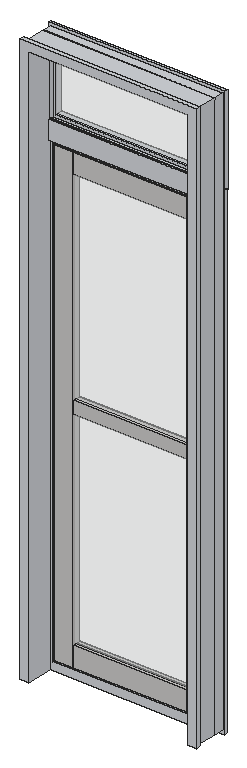
Revit family "APL Residential Thermal Heart Hinged Door with Overlight Open In", category Doors, host Wall, Revit 2017
Family settings
  Host = Wall
  OmniClass Number = 23.30.10.00
  OmniClass Title = Doors
  Always vertical = Yes
  Cut with Voids When Loaded = No
  Shared = No
  Room Calculation Point = No
Parameters (values of type "Architrave")
  Rough Width = 815 mm
  Rough Height = 2713 mm
  Reveal Liner = no
  Panel = Rough Width - 95 mm  # 720 mm
  Overlight Length [instance] = 407.5 mm
  Overlight [instance] = 400 mm
  Liner Sill = no
  Liner Head = yes
  Liner End = 10 mm
  Liner = 51 mm
  Jamb Liner 2 = yes
  Jamb Liner 1 = yes
  Groove = 10 mm
  Function = Interior
  Frame Width Sill = 15 mm
  Frame Projection Ext. = 13 mm
  Frame Projection Int. = 20 mm
  Frame Width = 12.5 mm
  Height = Rough Height - 12.5 mm  # 2700.5 mm
  Wall Closure = By host
  Width = Rough Width - 15 mm  # 800 mm
  Architrave = yes
  Analytic Construction = "<None>"
  90° Opening [instance] = yes
  15° Opening [instance] = yes
Reference planes
  plane 1: y = 0
  plane 2 "Center (Left/Right)": x = 0
  plane 3 "Left": x = -407.5
  plane 4 "Right": x = 407.5
  plane 5: z = 2713
  plane 6 "Exterior": y = 75
  plane 7 "Interior": y = -75
  plane 8: z = 2305.5
  plane 9: z = 1152.75
Forms (mm)
  Extrusion 1, solid, visible <- "Architrave"
    sketch origin (-3050, -75, 0) x (1, 0, 0) y (0, 0, 1)
      loop
        line (2630, 0) -> (2642.5, 0) -> (2642.5, 2713) -> (3457.5, 2713) -> (3457.5, 0) -> (3470, 0) -> (3470, 2725.5) -> (2630, 2725.5) -> (2630, 0)
    from 0 to 20
  Extrusion 2, solid
    sketch origin (-6.857, 0, 0) x (1, 0, 0) y (0, 1, 0)
      loop
        line (-353.099, 63.413) -> (-264.309, 63.413) -> (-264.309, 69.784) -> (-278.567, 84.042) -> (-353.099, 84.042) -> (-353.099, 63.413)
    from 44.629 to 2243.472
  Extrusion 3, solid
    sketch origin (0, -9.269, 0) x (1, 0, 0) y (0, 1, 0)
      loop
        line (-271.167, 77.961) -> (-271.167, 53.752) -> (270.95, 53.752) -> (270.95, 77.961) -> (-271.167, 77.961)
    from 141.653 to 1125.146
  Extrusion 4, solid
    sketch origin (0, -9.478, -426.133) x (0, 1, 0) y (0, 0, 1)
      loop
        line (93.461, 2669.605) -> (63.461, 2669.605) -> (63.461, 2572.983) -> (78.902, 2572.983) -> (93.461, 2587.542) -> (93.461, 2669.605)
    from -285.359 to 285.063
  Extrusion 5, solid, visible <- "Architrave"
    sketch origin (0, -32.901, 0) x (1, 0, 0) y (0, 0, 1)
      loop
        line (407.5, 2713) -> (-407.5, 2713) -> (-407.5, 0) -> (-379.424, 0) -> (-379.424, 2685.2) -> (379.424, 2685.2) -> (379.424, 0) -> (407.5, 0) -> (407.5, 2713)
    from -62.788 to 62.099
  Sweep 6, solid, visible <- "Reveal Liner"
    path origin (0, -75, 0) x (1, 0, 0) y (0, 0, 1)
      loop
        line (-407.5, 0) -> (-407.5, 2713) -> (407.5, 2713) -> (407.5, 0)
    profile origin (-407.5, -75, 1356.5) x (-1, 0, 0) y (0, -1, 0)
      loop
        line (-9.076, 20) -> (-28.076, 20) -> (-28.076, -104.887) -> (0, -104.887) -> (0, 0.131) -> (-14.642, 0.131) -> (-14.642, 10) -> (-9.076, 10) -> (-9.076, 20)
  Extrusion 7, solid
    sketch origin (0, 75, 0) x (1, 0, 0) y (0, 0, 1)
      loop
        line (407.5, 2713) -> (-407.5, 2713) -> (-407.5, 0) -> (407.5, 0) -> (407.5, 2713)
      loop
        line (396.8, 2705.5) -> (-396.8, 2705.5) -> (-396.8, 7.8) -> (396.8, 7.8) -> (396.8, 2705.5)
    from 0 to 45.113
  Sweep 8, solid
    path origin (0, 75, 0) x (1, 0, 0) y (0, 0, 1)
      loop
        line (407.5, 2291.55) -> (-407.5, 2291.55) -> (-407.5, -2.914) -> (407.5, -2.914) -> (407.5, 2291.55)
    profile origin (-407.5, 75, 1144.318) x (0, -1, 0) y (1, 0, 0)
      loop
        line (0, -12.5) -> (0, 10.7) -> (45.113, 10.7) -> (45.113, 41.5) -> (42.97, 41.5) -> (42.97, 47.543) -> (-9.042, 47.543) -> (-9.042, 60.5) -> (-20.5, 60.5) -> (-20.5, 5.968) -> (-12.064, -1.111) -> (-12.064, -12.5) -> (0, -12.5)
  Extrusion 9, solid
    sketch origin (6.857, -9.419, 0) x (-1, 0, 0) y (0, -1, 0)
      loop
        line (-353.099, -63.461) -> (-353.099, -93.461) -> (-278.205, -93.461) -> (-264.093, -79.348) -> (-264.093, -63.461) -> (-353.099, -63.461)
    from 44.629 to 2231.05
  Extrusion 10, solid
    sketch origin (-407.5, 75, 2713) x (0, -1, 0) y (0, 0, -1)
      loop
        line (21.018, 469.528) -> (42.97, 469.528) -> (42.97, 566.028) -> (21.018, 566.028) -> (21.018, 469.528)
    from 136.333 to 678.45
  Extrusion 11, solid
    sketch origin (0, -9.078, -0.55) x (0, 1, 0) y (0, 0, 1)
      loop
        line (63.12, 142.203) -> (41.108, 142.203) -> (41.108, 45.179) -> (63.12, 45.179) -> (63.12, 142.203)
    from -271.167 to 270.95
  Extrusion 12, solid
    sketch origin (0, -9.419, 2312.086) x (0, 1, 0) y (0, 0, 1)
      loop
        line (93.461, -2267.457) -> (93.461, -2185.442) -> (78.451, -2170.433) -> (63.461, -2170.433) -> (63.461, -2267.457) -> (93.461, -2267.457)
    from -285.359 to 285.063
  Extrusion 13, solid
    sketch origin (0, 0, 0) x (-1, 0, 0) y (0, -1, 0)
      loop
        line (271.167, -63.413) -> (359.957, -63.413) -> (359.957, -32.03) -> (271.167, -32.03) -> (271.167, -63.413)
    from 44.629 to 2243.472
  Extrusion 14, solid
    sketch origin (512.132, -9.419, 0) x (-1, 0, 0) y (0, -1, 0)
      loop
        line (152.175, -63.461) -> (241.182, -63.461) -> (241.182, -41.461) -> (152.175, -41.461) -> (152.175, -63.461)
    from 44.629 to 2243.472
  Extrusion 15, solid
    sketch origin (-407.5, 75, 2713) x (0, -1, 0) y (0, 0, -1)
      loop
        line (-8.836, 1572.487) -> (-8.836, 1543.013) -> (5.071, 1529.107) -> (5.071, 1586.393) -> (-8.836, 1572.487)
    from 122.141 to 692.563
  Extrusion 16, solid
    sketch origin (-407.5, 75, 2713) x (0, -1, 0) y (0, 0, -1)
      loop
        line (45.295, 386.05) -> (45.295, 363.95) -> (54, 363.95) -> (54, 451.05) -> (45.295, 451.05) -> (45.295, 431.05) -> (0, 431.05) -> (0, 386.05) -> (45.295, 386.05)
    from 28.076 to 786.924
  Extrusion 17, solid
    sketch origin (-407.5, 75, 2713) x (0, -1, 0) y (0, 0, -1)
      loop
        line (0.295, 408.95) -> (-12.408, 408.95) -> (-12.408, 415.587)
        arc (-12.408, 415.587) -> (-13.143, 416.498) -> (-14, 415.7) r 0.8
        line (-14, 415.7) -> (-14, 399.3)
        arc (-14, 399.3) -> (-13.2, 398.5) -> (-12.4, 399.3) r 0.8
        line (-12.4, 399.3) -> (-12.4, 405.8) -> (0.295, 405.8) -> (0.295, 408.95)
    from -12.5 to 827.5
  Sweep 18, solid
    path origin (0, 75, 0) x (1, 0, 0) y (0, 0, 1)
      loop
        line (407.5, 2713) -> (-407.5, 2713) -> (-407.5, 2319.478) -> (407.5, 2319.478) -> (407.5, 2713)
    profile origin (0, 75, 2713) x (0, 0, -1) y (0, -1, 0)
      loop
        line (7.5, 0) -> (-12.601, 0) -> (-12.601, -12.1) -> (2.5, -12.1) -> (8.5, -18.1) -> (28.091, -18.1) -> (42.5, -3.69) -> (42.5, 28.094) -> (29.632, 28.094) -> (29.632, 45) -> (7.5, 45) -> (7.5, 0)
  Extrusion 19, solid
    sketch origin (1080, -0.152, 0) x (1, 0, 0) y (0, 1, 0)
      loop
        line (-1445, 77.961) -> (-1445, 53.752) -> (-715, 53.752) -> (-715, 77.961) -> (-1445, 77.961)
    from 2361.978 to 2670.5
  Extrusion 20, solid
    sketch origin (780, -9.269, 0) x (1, 0, 0) y (0, 1, 0)
      loop
        line (-1051.167, 77.961) -> (-1051.167, 53.752) -> (-509.05, 53.752) -> (-509.05, 77.961) -> (-1051.167, 77.961)
    from 1184.25 to 2146.851
  Extrusion 21, solid
    sketch origin (-407.5, 75, 2713) x (0, -1, 0) y (0, 0, -1)
      loop
        line (5.216, 1529.001) -> (42.97, 1529.001) -> (42.97, 1587.854) -> (5.216, 1587.854) -> (5.216, 1529.001)
    from 136.333 to 678.45
Cuts and joins
  joined: Extrusion 1, Extrusion 5
  joined: Extrusion 7, Sweep 8
  joined: Extrusion 9, Extrusion 14
  joined: Extrusion 2, Extrusion 13
Lines and regions (mm)
  Opening 1
    outline origin (-3050, -75, 0) x (1, 0, 0) y (0, 0, 1)
      loop
        line (2642.5, 0) -> (3457.5, 0) -> (3457.5, 2713) -> (2642.5, 2713) -> (2642.5, 0)
  symbolic lines, style "Elevation Swing"
    curve 1: line (352.941, -75, 1152.75) -> (-347, -75, 2231.05)
    curve 2: line (352.941, -75, 1152.75) -> (-347, -75, 57.586)
  symbolic lines, style "Plan Swing", visible <- "90° Opening"
    curve 3: line (359.957, 32.042, 0) -> (359.957, -687.97, 0)
    curve 4: arc (359.957, -687.97, 0) -> (-149.104, -477.056, 0) -> (-359.957, 32.03, 0) r 720
  symbolic lines, style "Plan Swing", visible <- "15° Opening"
    curve 5: line (359.957, 32.042, 0) -> (-335.51, -154.308, 0)
    curve 6: arc (-360.043, 32.03, 0) -> (-353.883, -61.943, 0) -> (-335.51, -154.308, 0) r 720
Text (mm)
  text "Exterior" at (-2295.016, 1099.543, 0), in view "Ref. Level"
  text "Exterior" at (0, 1615.38, 3698.081), in view "Left"
  text "Exterior" at (0, 1036.032, 3874.932), in view "Right"
Dimensions and locks
  equal spacing: plane 3 "Left", plane 2 "Center (Left/Right)", plane 4 "Right"
  "Rough Width": plane 3 "Left" to plane 4 "Right"
  "Rough Height": plane 5 to host wall
  host wall to plane 5 = 2713 mm
  "Frame Projection Int.": Extrusion 1 to Extrusion 1
  "Frame Width": plane 3 "Left" to Extrusion 1 sketch curve
  "Frame Width": plane 4 "Right" to Extrusion 1 sketch curve
  "Frame Width": Extrusion 1 sketch curve to plane 5
  locked: plane 6 "Exterior" to host wall at 0
  locked: plane 7 "Interior" to host wall
  level to nested 1 = 5 mm
  locked: nested 1 to plane 5 at 7.5
  locked: Extrusion 7 to plane 6 "Exterior" at 45.113
  locked: cut or joined group of Extrusion 7, Sweep 8 to plane 6 "Exterior" at 45.113
  locked: plane 3 "Left" to Sweep 6 at 28.076
  Sweep 6 to plane 4 "Right" = 28.076 mm
  locked: plane 4 "Right" to Extrusion 4 at 122.437
  locked: plane 3 "Left" to Extrusion 4 at 122.141
  locked: plane 4 "Right" to Extrusion 12 at 122.437
  locked: plane 3 "Left" to Extrusion 12 at 122.141
  Extrusion 13 to Extrusion 13 to plane 6 "Exterior" to Extrusion 2 = 31.383 mm locked, 11.587 mm locked, 9.042 mm locked
  Extrusion 14 to Extrusion 14 to plane 6 "Exterior" to Extrusion 9 = 22 mm locked, 20.958 mm locked, 9.042 mm locked
  plane 3 "Left" to cut or joined group of Extrusion 2, Extrusion 13 to cut or joined group of Extrusion 7, Sweep 8 to cut or joined group of Extrusion 2, Extrusion 13 = 47.543 mm locked, 12.957 mm locked, 75.833 mm locked
  cut or joined group of Extrusion 9, Extrusion 14 to cut or joined group of Extrusion 7, Sweep 8 to cut or joined group of Extrusion 9, Extrusion 14 to plane 4 "Right" = 76.05 mm locked, 12.957 mm locked, 47.543 mm locked
  equal spacing: level, curve 2, plane 8
  "Overlight Length": plane 8 to plane 5
  equal spacing: level, plane 9, plane 8
  locked: cut or joined group of Extrusion 9, Extrusion 14 to plane 8 at 74.45
  locked: cut or joined group of Extrusion 2, Extrusion 13 to plane 8 at 62.028
  locked: plane 8 to Extrusion 19 at 56.478
  locked: Extrusion 19 to plane 5 at 42.5
  locked: plane 9 to Extrusion 20 at 31.5
  locked: Extrusion 3 to plane 9 at 27.604
  locked: Extrusion 20 to plane 8 at 158.649
  locked: plane 8 to cut or joined group of Extrusion 9, Extrusion 14 at 62.028
  locked: plane 3 "Left" to Extrusion 20 at 136.333
  locked: plane 3 "Left" to Extrusion 15 at 122.141
  locked: plane 4 "Right" to Extrusion 15 at 122.437
  locked: Extrusion 17 to plane 4 "Right" at 12.5
  locked: Extrusion 17 to plane 3 "Left" at 12.5
  locked: plane 3 "Left" to Extrusion 16 at 28.076
  locked: plane 4 "Right" to Extrusion 16 at 28.076
  locked: plane 4 "Right" to Extrusion 20 at 136.55
  locked: plane 4 "Right" to Extrusion 19 at 42.5
  locked: Sweep 6 to Extrusion 16 sketch curve at 8.887
  locked: Extrusion 16 sketch curve to Extrusion 16 sketch curve at 8.704
  locked: Extrusion 16 sketch curve to Extrusion 16 sketch curve at 54
  locked: Extrusion 4 to Extrusion 10 sketch curve at 21.952
  locked: cut or joined group of Extrusion 9, Extrusion 14 to Extrusion 10 sketch curve at 96.5
  "Panel": radius of curve 4
  "Panel": radius of curve 6
  locked: cut or joined group of Extrusion 2, Extrusion 13 to curve 5 (angle 15.00°)
  aligned and locked: plane 3 "Left" to Opening 1 sketch curve
  aligned and locked: plane 5 to Opening 1 sketch curve  (x2)
  aligned and locked: Opening 1 sketch curve to plane 4 "Right"
  aligned and locked: Opening 1 sketch curve to level
  aligned and locked: level to Extrusion 1 sketch curve
  aligned and locked: plane 5 to Extrusion 1 sketch curve  (x2)
  aligned and locked: Extrusion 1 sketch curve to plane 4 "Right"
  aligned and locked: plane 3 "Left" to Extrusion 1 sketch curve
  aligned and locked: plane 1 to host wall
  aligned and locked: Extrusion 1 to Extrusion 5
  aligned and locked: Extrusion 1 to level
  aligned and locked: plane 5 to Sweep 6 sketch curve
  aligned and locked: Sweep 6 sketch curve to plane 4 "Right"
  aligned and locked: Sweep 6 sketch curve to plane 3 "Left"
  aligned and locked: cut or joined group of Extrusion 1, Extrusion 5 to Sweep 6 sketch curve
  aligned and locked: Sweep 6 sketch curve to cut or joined group of Extrusion 1, Extrusion 5
  aligned and locked: Sweep 6 sketch curve to profile plane
  aligned and locked: Extrusion 7 to host wall
  aligned and locked: Sweep 6 sketch curve to Extrusion 7
  aligned and locked: Extrusion 5 to Sweep 6  (x2)
  aligned and locked: Extrusion 5 to cut or joined group of Extrusion 7, Sweep 8
  aligned and locked: curve 4 to Extrusion 13
  aligned and locked: curve 3 to Extrusion 14
  aligned and locked: Extrusion 13 to Extrusion 2  (x2)
  aligned and locked: Extrusion 14 to Extrusion 9
  aligned and locked: cut or joined group of Extrusion 7, Sweep 8 to curve 2
  aligned and locked: Extrusion 3 to Extrusion 11
  aligned and locked: Extrusion 11 to Extrusion 3
  aligned and locked: Extrusion 3 to cut or joined group of Extrusion 2, Extrusion 13
  aligned and locked: Extrusion 3 to cut or joined group of Extrusion 9, Extrusion 14
  aligned and locked: Extrusion 3 to Extrusion 10
  aligned and locked: Extrusion 10 to Extrusion 3
  aligned and locked: cut or joined group of Extrusion 7, Sweep 8 to curve 1
  aligned and locked: Extrusion 21 to Extrusion 3
  aligned and locked: Extrusion 3 to Extrusion 21
  aligned and locked: Extrusion 21 to Extrusion 11
  aligned and locked: cut or joined group of Extrusion 7, Sweep 8 to Extrusion 21
  aligned and locked: cut or joined group of Extrusion 9, Extrusion 14 to curve 5
  aligned and locked: cut or joined group of Extrusion 7, Sweep 8 to curve 6
Automatic sketch dimensions
  plane 4 "Right" to curve 2 = 54.559 mm
  curve 1 to plane 8 = 74.45 mm
  curve 2 to plane 3 "Left" = 60.5 mm
  Extrusion 2 sketch curve to host wall = 11.587 mm
  Extrusion 2 sketch curve to plane 3 "Left" = 47.543 mm
  host wall to Extrusion 2 sketch curve = 9.042 mm
  Extrusion 2 sketch curve to Extrusion 2 sketch curve = 74.532 mm
  Extrusion 2 sketch curve to host wall = 5.216 mm
  Extrusion 2 sketch curve to Extrusion 2 sketch curve = 14.258 mm
  Extrusion 3 sketch curve to host wall = 30.518 mm
  Extrusion 3 sketch curve to plane 3 "Left" = 136.333 mm
  plane 4 "Right" to Extrusion 3 sketch curve = 136.55 mm
  Extrusion 3 sketch curve to host wall = 6.309 mm
  Extrusion 4 sketch curve to host wall = 21.018 mm
  Extrusion 4 sketch curve to host wall = 5.576 mm
  host wall to Extrusion 4 sketch curve = 8.982 mm
  Extrusion 4 sketch curve to plane 8 = 158.649 mm
  Extrusion 4 sketch curve to Extrusion 4 sketch curve = 14.559 mm
  Extrusion 4 sketch curve to plane 8 = 62.028 mm
  plane 3 "Left" to Extrusion 5 sketch curve = 0 mm
  Extrusion 5 sketch curve to level = 0 mm  (x2)
  plane 4 "Right" to Extrusion 5 sketch curve = 0 mm
  Extrusion 5 sketch curve to plane 5 = 0 mm
  Extrusion 5 sketch curve to plane 3 "Left" = 28.076 mm
  plane 4 "Right" to Extrusion 5 sketch curve = 28.076 mm
  plane 5 to Extrusion 5 sketch curve = 27.8 mm
  Sweep 6 sketch curve to level = 0 mm  (x2)
  profile plane to Sweep 6 sketch curve = 14.642 mm
  Sweep 6 sketch curve to Sweep 6 sketch curve = 5.565 mm
  plane 7 "Interior" to Sweep 6 sketch curve = 0.131 mm
  Sweep 6 sketch curve to Sweep 6 sketch curve = 10 mm
  plane 3 "Left" to Extrusion 7 sketch curve = 0 mm
  plane 4 "Right" to Extrusion 7 sketch curve = 0 mm
  Extrusion 7 sketch curve to level = 0 mm
  Extrusion 7 sketch curve to plane 5 = 0 mm
  Extrusion 7 sketch curve to plane 3 "Left" = 10.7 mm
  plane 4 "Right" to Extrusion 7 sketch curve = 10.7 mm
  level to Extrusion 7 sketch curve = 7.8 mm
  plane 5 to Extrusion 7 sketch curve = 7.5 mm
  plane 3 "Left" to Sweep 8 sketch curve = 0 mm
  plane 4 "Right" to Sweep 8 sketch curve = 0 mm
  Sweep 8 sketch curve to level = 2.914 mm
  Sweep 8 sketch curve to plane 8 = 13.95 mm
  plane 6 "Exterior" to Sweep 8 sketch curve = 0 mm
  Sweep 8 sketch curve to plane 6 "Exterior" = 9.042 mm
  Sweep 8 sketch curve to Sweep 8 sketch curve = 12.064 mm
  Sweep 8 sketch curve to Sweep 8 sketch curve = 11.458 mm
  plane 6 "Exterior" to Sweep 8 sketch curve = 42.97 mm
  Sweep 8 sketch curve to profile plane = 10.7 mm
  Sweep 8 sketch curve to Sweep 8 sketch curve = 2.143 mm
  Sweep 8 sketch curve to profile plane = 5.968 mm
  profile plane to Sweep 8 sketch curve = 1.111 mm
  profile plane to Sweep 8 sketch curve = 12.5 mm
  Sweep 8 sketch curve to Sweep 8 sketch curve = 30.8 mm
  Sweep 8 sketch curve to Sweep 8 sketch curve = 6.043 mm
  Sweep 8 sketch curve to Sweep 8 sketch curve = 12.957 mm
  host wall to Extrusion 9 sketch curve = 20.958 mm
  Extrusion 9 sketch curve to plane 4 "Right" = 47.543 mm
  Extrusion 9 sketch curve to host wall = 9.042 mm
  Extrusion 9 sketch curve to Extrusion 9 sketch curve = 74.894 mm
  host wall to Extrusion 9 sketch curve = 5.071 mm
  Extrusion 9 sketch curve to Extrusion 9 sketch curve = 14.113 mm
  Extrusion 11 sketch curve to host wall = 32.03 mm
  Extrusion 11 sketch curve to host wall = 20.958 mm
  level to Extrusion 11 sketch curve = 44.629 mm
  Extrusion 11 sketch curve to Extrusion 11 sketch curve = 97.024 mm
  host wall to Extrusion 12 sketch curve = 20.958 mm
  host wall to Extrusion 12 sketch curve = 5.968 mm
  Extrusion 12 sketch curve to host wall = 9.042 mm
  Extrusion 12 sketch curve to level = 141.653 mm
  Extrusion 12 sketch curve to Extrusion 12 sketch curve = 15.009 mm
  Extrusion 12 sketch curve to level = 44.629 mm
  host wall to Extrusion 13 sketch curve = 32.03 mm
  plane 3 "Left" to Extrusion 13 sketch curve = 136.333 mm
  plane 3 "Left" to Extrusion 13 sketch curve = 47.543 mm
  host wall to Extrusion 13 sketch curve = 11.587 mm
  plane 4 "Right" to Extrusion 14 sketch curve = 47.543 mm
  Extrusion 14 sketch curve to host wall = 32.042 mm
  Extrusion 14 sketch curve to Extrusion 14 sketch curve = 89.007 mm
  Extrusion 14 sketch curve to host wall = 20.958 mm
  plane 3 "Left" to Sweep 18 sketch curve = 0 mm
  plane 4 "Right" to Sweep 18 sketch curve = 0 mm
  Sweep 18 sketch curve to plane 5 = 0 mm
  plane 8 to Sweep 18 sketch curve = 13.978 mm
  Sweep 18 sketch curve to plane 6 "Exterior" = 0 mm
  profile plane to Sweep 18 sketch curve = 12.601 mm
  Sweep 18 sketch curve to profile plane = 2.5 mm
  Sweep 18 sketch curve to profile plane = 7.5 mm
  Sweep 18 sketch curve to Sweep 18 sketch curve = 6 mm  (x2)
  Sweep 18 sketch curve to Sweep 18 sketch curve = 19.591 mm
  Sweep 18 sketch curve to Sweep 18 sketch curve = 22.132 mm
  Sweep 18 sketch curve to plane 6 "Exterior" = 3.69 mm
  Sweep 18 sketch curve to Sweep 18 sketch curve = 14.409 mm
  Sweep 18 sketch curve to plane 6 "Exterior" = 12.1 mm
  plane 6 "Exterior" to Sweep 18 sketch curve = 28.094 mm
  Sweep 18 sketch curve to Sweep 18 sketch curve = 16.906 mm
  Extrusion 19 sketch curve to plane 3 "Left" = 42.5 mm
  plane 4 "Right" to Extrusion 19 sketch curve = 42.5 mm
  Extrusion 19 sketch curve to host wall = 21.4 mm
  host wall to Extrusion 19 sketch curve = 2.809 mm
  Extrusion 20 sketch curve to host wall = 30.518 mm
  Extrusion 20 sketch curve to plane 3 "Left" = 136.333 mm
  plane 4 "Right" to Extrusion 20 sketch curve = 136.55 mm
  Extrusion 20 sketch curve to host wall = 6.309 mm
  host wall to Extrusion 15 sketch curve = 8.836 mm
  Extrusion 15 sketch curve to host wall = 5.071 mm
  plane 9 to Extrusion 15 sketch curve = 31.143 mm
  plane 9 to Extrusion 15 sketch curve = 17.237 mm
  Extrusion 15 sketch curve to plane 9 = 12.237 mm
  Extrusion 15 sketch curve to Extrusion 15 sketch curve = 13.906 mm
  Extrusion 21 sketch curve to host wall = 5.216 mm
  Extrusion 21 sketch curve to host wall = 32.03 mm
  plane 9 to Extrusion 21 sketch curve = 31.249 mm
  Extrusion 21 sketch curve to plane 9 = 27.604 mm
  host wall to Extrusion 17 sketch curve = 14 mm
  Extrusion 17 sketch curve to Extrusion 17 sketch curve = 0.8 mm  (x2)
  Extrusion 17 sketch curve to plane 8 = 1.45 mm
  Extrusion 17 sketch curve to Extrusion 17 sketch curve = 0.008 mm
  Extrusion 17 sketch curve to host wall = 0.295 mm
  plane 8 to Extrusion 17 sketch curve = 1.7 mm
  Extrusion 17 sketch curve to Extrusion 17 sketch curve = 6.5 mm
  Extrusion 17 sketch curve to Extrusion 17 sketch curve = 6.637 mm
  Extrusion 16 sketch curve to Extrusion 16 sketch curve = 8.704 mm
  plane 8 to Extrusion 16 sketch curve = 43.55 mm
  plane 8 to Extrusion 16 sketch curve = 21.45 mm
  Extrusion 16 sketch curve to plane 8 = 23.55 mm
  Extrusion 16 sketch curve to Extrusion 16 sketch curve = 20 mm
  Extrusion 10 sketch curve to host wall = 21.018 mm
  Extrusion 10 sketch curve to plane 8 = 62.028 mm
  Extrusion 1 sketch curve to level = 0 mm
  curve 5 to plane 3 "Left" = 71.99 mm
  curve 6 to curve 3 = 0 mm
  curve 3 to curve 4 = 0.087 mm
Nested families
  nested 1: "APL Residential Thermal Heart Hinged Door with Overlight Open In Vertical Section" at (-420.101, -269.196, 2037.888) x (0, -1, 0) z (1, 0, 0), Liner <- "Liner", Groove <- "Groove", Liner End <- "Liner End", Box Height <- "Height", Overlight <- "Overlight", type "Groove"
    with Overlight 400 mm, Liner End 10 mm, Liner 51 mm, Groove 10 mm, Glass Rail 985.25 mm, Glass Length 334 mm, Box Height 2700.5 mm
  nested 2: "APL Residential Thermal Heart Hinged Door Open In Horizontal Section" at (-408.062, 94.873, 0) x (-1, 0, 0) z (0, 0, 1), Box Width <- "Width", Liner <- "Liner", Groove <- "Groove", Liner End <- "Liner End", type "Groove"
    with Liner End 10 mm, Liner 51 mm, Groove 10 mm, Glass Length 1 567 mm, Box Width 800 mm
Definition of nested family "APL Residential Thermal Heart Hinged Door with Overlight Open In Vertical Section"
  Parameters (values of type "Groove")
    Sill Liner = yes
    Overlight [instance] = 400 mm
    Liner End [instance] = 10 mm
    Liner Block = Liner : Liner
    Liner [instance] = 100 mm
    Head Liner = yes
    Groove [instance] = 10 mm
    Glass Rail [instance] = ((Box Height - Overlight) / 2) - 165 mm  # 135 mm
    Glass Length [instance] = Overlight - 66 mm  # 334 mm
    Box Height [instance] = 1000 mm
  Types (2, lengths in mm): name | Liner Block
    Groove | Liner : Liner
    No Groove | Liner No Groove : Liner No Groove
  Reference planes
    plane 1 "Front": x = -364.796
    plane 2: z = 0
    plane 3 "Center (Elevation)": y = -32.388
    plane 4: y = 667.612
    plane 5: y = -332.388
    plane 6: y = -337.388
    plane 7: x = -349.196
    plane 8: x = -303.175
    plane 9: x = -303.196
    plane 10: x = -344.196
    plane 11: y = 267.612
  Dimensions and locks
    "Box Height": plane 4 to plane 5
    locked: plane 5 to plane 6 at 5
    locked: plane 5 to nested 3 at 124.398
    "Liner": plane 9 to nested 4
    locked: plane 7 to plane 10 at 5
    locked: nested 5 to nested 3 at 6.331
    locked: nested 4 to nested 5 at 13.323
    locked: nested 8 to nested 6 at 6.328
    locked: nested 6 to nested 7 at 6.328
    nested 8 to plane 3 "Center (Elevation)" to nested 7 = 16.328 mm locked, 16.328 mm locked
    nested 2 to nested 10 = 6.3 mm
    locked: nested 11 to nested 9 at 6.328
    locked: nested 11 to nested 9 at 22.328
    locked: nested 10 to nested 12 at 6.2
    nested 2 to plane 11 to nested 12 = 145.828 mm locked, 43.85 mm locked
    equal spacing: plane 11, plane 3 "Center (Elevation)", plane 5
    nested 10 to plane 11 to nested 10 = 43.55 mm locked, 43.55 mm locked
    locked: nested 9 to nested 1 at 14.284
    "Overlight": plane 4 to plane 11
    aligned and locked: plane 9 to nested 4
    aligned and locked: nested 5 to plane 5
    aligned and locked: plane 4 to nested 9
    aligned and locked: plane 11 to nested 10
  Nested families
    nested 1: "Liner" at (-303.196, 646.896, 0), type <- "Liner Block", End Liner <- "Liner End", Groove <- "Groove", visible <- "Head Liner", type "Liner", in view "Left", detail levels fine
      with built-in parameter 1001306 0.32808 (stored number, unit not read)
    nested 2: "Glazing Bead" at (-337.679, 121.784, 0), Glass Lenght <- "Glass Rail", type "DG", in view "Left", detail levels fine
      with Glass Lenght 135 mm
    nested 3: "Glazing Bead" at (-337.679, -207.989, 0), Glass Lenght <- "Glass Rail", type "DG", in view "Left", detail levels fine
      with Glass Lenght 135 mm
    nested 4: "Liner" at (-303.196, -311.672, 0), type <- "Liner Block", End Liner <- "Liner End", Groove <- "Groove", visible <- "Sill Liner", type "Liner", in view "Left", detail levels fine
      with built-in parameter 1001306 0.32808 (stored number, unit not read)
    nested 5: "Open In Head&Sill" at (-349.196, -332.388, 0), type "Open Out Head&Sill", in view "Left", detail levels fine
    nested 6: "65290_Vision Rail" at (-326.279, -32.388, 0), type "65290_Vision Rail", in view "Left", detail levels fine
    nested 7: "Glazing Bead" at (-337.679, -16.06, 0), Glass Lenght <- "Glass Rail", type "DG", in view "Left", detail levels fine
      with Glass Lenght 135 mm
    nested 8: "Glazing Bead" at (-337.679, -48.716, 0), Glass Lenght <- "Glass Rail", type "DG", in view "Left", detail levels fine
      with Glass Lenght 135 mm
    nested 9: "65180_Sidelight Frame" at (-319.796, 667.612, 0) x (0, -1, 0) z (0, 0, 1), type "65180_Sidelight Frame", in view "Left", detail levels fine
    nested 10: "Overlight Detail" at (-358.196, 267.612, 0), type "Overlight Detail", in view "Left", detail levels fine
    nested 11: "Glazing Bead" at (-346.796, 645.284, 0), Glass Lenght <- "Glass Length", type "DG", in view "Left", detail levels fine
      with Glass Lenght 334 mm
    nested 12: "Glazing Bead" at (-346.796, 311.462, 0), Glass Lenght <- "Glass Length", type "DG", in view "Left", detail levels fine
      with Glass Lenght 334 mm
  Definition of nested family "Liner"
    Parameters (values of type "Liner")
      Type Image = (empty or 0)
      built-in parameter 1001306 [instance] = 100 mm
      Groove [instance] = 10 mm
      End Liner [instance] = 10 mm
    Reference planes
      plane 1 "Center (Front/Back)": y = 0
      plane 2: z = 0
      plane 3 "Left": x = 0
      plane 4 "Right": x = 100
    Lines and regions (mm)
      Filled region 1, type "Brick", in view "Ref. Level"
        outline origin (0, 0, 0) x (1, 0, 0) y (0, 1, 0)
          loop
            line (0, 0) -> (120, 0) -> (120, 19) -> (110, 19) -> (110, 13.435) -> (100, 13.435) -> (100, 19) -> (0, 19) -> (0, 0)
      reference lines, in view "Ref. Level"
        curve 1: line (0, 0, 0) -> (100, 0, 0)
      detail lines, in view "Ref. Level", detail levels fine
        curve 2: line (100, 0, 0) -> (0, 0, 0)
    Dimensions and locks
      "built-in parameter 1001306": plane 3 "Left" to plane 4 "Right"
      locked: Filled region 1 to curve 2 at 19
      "Groove": plane 4 "Right" to Filled region 1
      "End Liner": Filled region 1 to Filled region 1
      aligned and locked: plane 1 "Center (Front/Back)" to curve 1
      aligned and locked: plane 3 "Left" to curve 1
      aligned and locked: plane 4 "Right" to curve 1
      aligned and locked: curve 1 to Filled region 1
      aligned and locked: plane 1 "Center (Front/Back)" to Filled region 1
      aligned and locked: Filled region 1 to plane 3 "Left"
    Automatic sketch dimensions
      curve 2 to plane 4 "Right" = 0 mm
      Filled region 1 sketch curve to plane 3 "Left" = 0 mm
      Filled region 1 sketch curve to plane 4 "Right" = 0 mm
      Filled region 1 sketch curve to Filled region 1 sketch curve = 10 mm  (x2)
      Filled region 1 sketch curve to plane 1 "Center (Front/Back)" = 0 mm
      Filled region 1 sketch curve to plane 1 "Center (Front/Back)" = 13.435 mm
      Filled region 1 sketch curve to Filled region 1 sketch curve = 5.565 mm  (x2)
      curve 2 to plane 3 "Left" = 0 mm
  Definition of nested family "Glazing Bead"
    Parameters (values of type "Glazing Bead")
      Glass Lenght [instance] = 50 mm
    Reference planes
      plane 1 "Center (Front/Back)": y = 0
      plane 2: z = 0
      plane 3 "Center (Left/Right)": x = 0
      plane 4: y = -50
    Lines and regions (mm)
      Filled region 1, type "Solid Fill - Black", in view "Ref. Level"
        outline origin (0, 0, 0) x (1, 0, 0) y (0, 1, 0)
          loop
            line (4, 0) -> (4, -12) -> (20, -12) -> (20, 0) -> (4, 0)
      model lines, in view "Ref. Level"
        curve 1: line (4, -12, 0) -> (20, -12, 0)
        curve 2: line (0, -50, 0) -> (0, 0, 0)
        curve 3: line (0, 0, 0) -> (24, 0, 0)
        curve 4: line (24, 0, 0) -> (24, -50, 0)
        curve 5: line (20, 0, 0) -> (20, -50, 0)
        curve 6: line (4, 0, 0) -> (4, -50, 0)
      detail lines, in view "Ref. Level"
        curve 7: arc (-0.25, -4.9, 0) -> (0, -5.15, 0) -> (-0.25, -5.4, 0) r 0.25
        curve 8: arc (-0.25, -8.45, 0) -> (0, -8.7, 0) -> (-0.25, -8.95, 0) r 0.25
        curve 9: arc (-0.25, -9.619, 0) -> (0, -9.869, 0) -> (-0.25, -10.119, 0) r 0.25
        curve 10: arc (-0.25, -10.787, 0) -> (0, -11.037, 0) -> (-0.25, -11.287, 0) r 0.25
        curve 11: line (-0.25, -12.456, 0) -> (-1, -12.456, 0)
        curve 12: line (-1, -12.456, 0) -> (-1, -8.45, 0)
        curve 13: line (-1, -8.45, 0) -> (-2.2, -8.45, 0)
        curve 14: line (-2.2, -8.45, 0) -> (-2.2, -9.2, 0)
        curve 15: line (-2.2, -9.2, 0) -> (-2.8, -9.2, 0)
        curve 16: line (-2.8, -9.2, 0) -> (-2.8, -6.1, 0)
        curve 17: line (-2.8, -6.1, 0) -> (-2.2, -6.1, 0)
        curve 18: line (-2.2, -6.1, 0) -> (-2.2, -6.85, 0)
        curve 19: line (-2.2, -6.85, 0) -> (-1, -6.85, 0)
        curve 20: line (-1, -6.85, 0) -> (-1, -4.9, 0)
        curve 21: line (-1, -4.9, 0) -> (-0.25, -4.9, 0)
        curve 22: line (-0.25, -5.4, 0) -> (-0.25, -8.45, 0)
        curve 23: line (-0.25, -8.95, 0) -> (-0.25, -9.619, 0)
        curve 24: line (-0.25, -10.119, 0) -> (-0.25, -10.787, 0)
        curve 25: line (-0.25, -11.287, 0) -> (-0.25, -11.956, 0)
        curve 26: arc (-0.25, -11.956, 0) -> (0, -12.206, 0) -> (-0.25, -12.456, 0) r 0.25
      detail lines, in view "Ref. Level", not visible
        curve 27: arc (-0.25, -4.9, 0) -> (0, -5.15, 0) -> (-0.25, -5.4, 0) r 0.25
        curve 28: arc (-0.25, -8.45, 0) -> (0, -8.7, 0) -> (-0.25, -8.95, 0) r 0.25
        curve 29: arc (-0.25, -9.619, 0) -> (0, -9.869, 0) -> (-0.25, -10.119, 0) r 0.25
        curve 30: arc (-0.25, -10.787, 0) -> (0, -11.037, 0) -> (-0.25, -11.287, 0) r 0.25
        curve 31: line (-0.25, -12.456, 0) -> (-1, -12.456, 0)
        curve 32: line (-1, -12.456, 0) -> (-1, -8.45, 0)
        curve 33: line (-1, -8.45, 0) -> (-2.2, -8.45, 0)
        curve 34: line (-2.2, -8.45, 0) -> (-2.2, -9.2, 0)
        curve 35: line (-2.2, -9.2, 0) -> (-2.8, -9.2, 0)
        curve 36: line (-2.8, -9.2, 0) -> (-2.8, -6.1, 0)
        curve 37: line (-2.8, -6.1, 0) -> (-2.2, -6.1, 0)
        curve 38: line (-2.2, -6.1, 0) -> (-2.2, -6.85, 0)
        curve 39: line (-2.2, -6.85, 0) -> (-1, -6.85, 0)
        curve 40: line (-1, -6.85, 0) -> (-1, -4.9, 0)
        curve 41: line (-1, -4.9, 0) -> (-0.25, -4.9, 0)
        curve 42: line (-0.25, -5.4, 0) -> (-0.25, -8.45, 0)
        curve 43: line (-0.25, -8.95, 0) -> (-0.25, -9.619, 0)
        curve 44: line (-0.25, -10.119, 0) -> (-0.25, -10.787, 0)
        curve 45: line (-0.25, -11.287, 0) -> (-0.25, -11.956, 0)
        curve 46: arc (-0.25, -11.956, 0) -> (0, -12.206, 0) -> (-0.25, -12.456, 0) r 0.25
        curve 47: arc (62.983, -3.041, 0) -> (62.673, -2.901, 0) -> (62.511, -3.2, 0) r 0.25
        curve 48: arc (62.537, -13.088, 0) -> (62.7, -13.387, 0) -> (63.01, -13.247, 0) r 0.25
        curve 49: line (62.511, -3.2, 0) -> (63.505, -7.068, 0)
        curve 50: line (63.505, -7.068, 0) -> (62.502, -7.647, 0)
        curve 51: line (62.502, -7.647, 0) -> (62.502, -8.647, 0)
        curve 52: line (62.502, -8.647, 0) -> (63.527, -9.239, 0)
        curve 53: line (63.527, -9.239, 0) -> (62.537, -13.088, 0)
        curve 54: line (63.01, -13.247, 0) -> (64.734, -9.147, 0)
        curve 55: line (64.734, -9.147, 0) -> (66.002, -9.147, 0)
        curve 56: line (66.002, -9.147, 0) -> (66.002, -10.397, 0)
        curve 57: line (66.002, -10.397, 0) -> (67.002, -10.397, 0)
        curve 58: line (67.002, -10.397, 0) -> (67.002, -5.897, 0)
        curve 59: line (67.002, -5.897, 0) -> (66.002, -5.897, 0)
        curve 60: line (66.002, -5.897, 0) -> (66.002, -7.147, 0)
        curve 61: line (66.002, -7.147, 0) -> (64.71, -7.147, 0)
        curve 62: line (64.71, -7.147, 0) -> (62.983, -3.041, 0)
    Dimensions and locks
      "Glass Lenght": plane 1 "Center (Front/Back)" to plane 4
      aligned and locked: plane 4 to curve 2
      aligned and locked: plane 1 "Center (Front/Back)" to Filled region 1 sketch curve
      aligned and locked: Filled region 1 sketch curve to curve 6
      aligned and locked: Filled region 1 sketch curve to curve 1
      aligned and locked: Filled region 1 sketch curve to curve 5
    Automatic sketch dimensions
      plane 1 "Center (Front/Back)" to curve 2 = 0 mm
      curve 2 to plane 3 "Center (Left/Right)" = 0 mm
      curve 6 to plane 4 = 0 mm
      curve 5 to plane 4 = 0 mm
      curve 4 to plane 4 = 0 mm
      curve 5 to curve 3 = 4 mm
      plane 3 "Center (Left/Right)" to curve 1 = 4 mm
      curve 6 to curve 5 = 16 mm
      plane 1 "Center (Front/Back)" to curve 1 = 12 mm
    Nested families
      nested 1: "65015_Bead" at (-15.5, 6.328, 0), type "65015_Bead", in view "Ref. Level"
    Definition of nested family "65015_Bead"
      Reference planes
        plane 1 "Center (Front/Back)": y = 0
        plane 2: z = 0
        plane 3 "Center (Left/Right)": x = 0
      Lines and regions (mm)
        model lines, in view "Ref. Level"
          curve 1: arc (13.5, 12.78, 0) -> (13.558, 12.92, 0) -> (13.698, 12.978, 0) r 0.198
          curve 2: arc (14.302, 12.978, 0) -> (14.442, 12.918, 0) -> (14.5, 12.777, 0) r 0.201
          curve 3: arc (14.5, 10.175, 0) -> (14.442, 10.036, 0) -> (14.302, 9.978, 0) r 0.198
          curve 4: arc (13.698, 9.978, 0) -> (13.558, 10.036, 0) -> (13.5, 10.175, 0) r 0.198
          curve 5: arc (13.5, 11.027, 0) -> (13.442, 11.169, 0) -> (13.3, 11.228, 0) r 0.2
          curve 6: arc (12.7, 11.228, 0) -> (11.851, 11.579, 0) -> (11.5, 12.428, 0) r 1.2
          curve 7: arc (11.5, 13.628, 0) -> (11.377, 13.813, 0) -> (11.159, 13.769, 0) r 0.2
          curve 8: arc (1.546, 4.157, 0) -> (1.438, 3.995, 0) -> (1.4, 3.804, 0) r 0.5
          curve 9: arc (1.4, 1.817, 0) -> (1.467, 1.567, 0) -> (1.65, 1.384, 0) r 0.5
          curve 10: arc (10.675, -3.827, 0) -> (10.913, -4.714, 0) -> (10.025, -4.952, 0) r 0.65
          curve 11: arc (3.306, -1.073, 0) -> (2.928, -1.023, 0) -> (2.624, -1.254, 0) r 0.5
          curve 12: arc (2.587, -2.129, 0) -> (2.248, -2.45, 0) -> (1.791, -2.352, 0) r 0.5
          curve 13: arc (1.518, -2.123, 0) -> (1.466, -2.054, 0) -> (1.447, -1.97, 0) r 0.2
          curve 14: arc (1.447, -1.115, 0) -> (1.476, -1.011, 0) -> (1.555, -0.938, 0) r 0.2
          curve 15: arc (1.555, -0.938, 0) -> (1.717, -0.809, 0) -> (1.82, -0.63, 0) r 0.55
          curve 16: arc (1.82, -0.63, 0) -> (1.825, -0.452, 0) -> (1.729, -0.302, 0) r 0.3
          curve 17: arc (0.2, 0, 0) -> (0.059, 0.059, 0) -> (0, 0.2, 0) r 0.2
          curve 18: arc (0, 4.383, 0) -> (0.038, 4.575, 0) -> (0.146, 4.737, 0) r 0.5
          curve 19: arc (14.159, 18.749, 0) -> (14.377, 18.792, 0) -> (14.5, 18.608, 0) r 0.2
          curve 20: arc (14.5, 15.172, 0) -> (14.442, 15.034, 0) -> (14.303, 14.978, 0) r 0.194
          curve 21: arc (13.698, 14.978, 0) -> (13.559, 15.038, 0) -> (13.5, 15.177, 0) r 0.203
          curve 22: arc (13.5, 15.528, 0) -> (13.441, 15.669, 0) -> (13.3, 15.728, 0) r 0.201
          curve 23: arc (12.7, 15.728, 0) -> (12.559, 15.669, 0) -> (12.5, 15.528, 0) r 0.2
          curve 24: arc (12.5, 12.428, 0) -> (12.559, 12.286, 0) -> (12.7, 12.228, 0) r 0.2
          curve 25: line (13.5, 12.428, 0) -> (13.5, 12.78, 0)
          curve 26: line (13.698, 12.978, 0) -> (14.302, 12.978, 0)
          curve 27: line (14.5, 12.777, 0) -> (14.5, 10.175, 0)
          curve 28: line (14.302, 9.978, 0) -> (13.698, 9.978, 0)
          curve 29: line (13.5, 10.175, 0) -> (13.5, 11.027, 0)
          curve 30: line (13.3, 11.228, 0) -> (12.7, 11.228, 0)
          curve 31: line (11.5, 12.428, 0) -> (11.5, 13.628, 0)
          curve 32: line (11.159, 13.769, 0) -> (1.546, 4.157, 0)
          curve 33: line (1.4, 3.804, 0) -> (1.4, 1.817, 0)
          curve 34: line (1.65, 1.384, 0) -> (10.675, -3.827, 0)
          curve 35: line (10.025, -4.952, 0) -> (3.306, -1.073, 0)
          curve 36: line (2.597, -1.355, 0) -> (2.597, -2.065, 0)
          curve 37: line (1.791, -2.352, 0) -> (1.518, -2.123, 0)
          curve 38: line (1.518, -2.123, 0) -> (1.447, -1.115, 0)
          curve 39: line (1.729, -0.302, 0) -> (1.425, -0.047, 0)
          curve 40: line (1.425, -0.047, 0) -> (0.2, 0, 0)
          curve 41: line (0, 0.2, 0) -> (0, 4.383, 0)
          curve 42: line (0.146, 4.737, 0) -> (14.159, 18.749, 0)
          curve 43: line (14.5, 18.608, 0) -> (14.5, 15.172, 0)
          curve 44: line (14.303, 14.978, 0) -> (13.698, 14.978, 0)
          curve 45: line (13.5, 15.177, 0) -> (13.5, 15.528, 0)
          curve 46: line (13.3, 15.728, 0) -> (12.7, 15.728, 0)
          curve 47: line (12.5, 15.528, 0) -> (12.5, 12.428, 0)
          curve 48: line (12.7, 12.228, 0) -> (13.3, 12.228, 0)
          curve 49: arc (13.3, 12.228, 0) -> (13.441, 12.286, 0) -> (13.5, 12.428, 0) r 0.2
      Text (mm)
        text "65015" at (32.01, 10.207, 0), in view "Ref. Level"
  Definition of nested family "Open In Head&Sill"
    Types (2): name
      Open Out Head&Sill
      Sill
    Reference planes
      plane 1 "Center (Front/Back)": y = 0
      plane 2: z = 0
      plane 3 "Center (Left/Right)": x = 0
    Lines and regions (mm)
      detail lines, in view "Ref. Level"
        curve 1: arc (36.8, 138.423, 0) -> (36.489, 138.563, 0) -> (36.327, 138.264, 0) r 0.25
        curve 2: arc (36.353, 128.376, 0) -> (36.516, 128.077, 0) -> (36.826, 128.217, 0) r 0.25
        curve 3: line (36.327, 138.264, 0) -> (37.321, 134.396, 0)
        curve 4: line (37.321, 134.396, 0) -> (36.318, 133.817, 0)
        curve 5: line (36.318, 133.817, 0) -> (36.318, 132.817, 0)
        curve 6: line (36.318, 132.817, 0) -> (37.343, 132.225, 0)
        curve 7: line (37.343, 132.225, 0) -> (36.353, 128.376, 0)
        curve 8: line (36.826, 128.217, 0) -> (38.55, 132.317, 0)
        curve 9: line (38.55, 132.317, 0) -> (39.818, 132.317, 0)
        curve 10: line (39.818, 132.317, 0) -> (39.818, 131.067, 0)
        curve 11: line (39.818, 131.067, 0) -> (40.818, 131.067, 0)
        curve 12: line (40.818, 131.067, 0) -> (40.818, 135.567, 0)
        curve 13: line (40.818, 135.567, 0) -> (39.818, 135.567, 0)
        curve 14: line (39.818, 135.567, 0) -> (39.818, 134.317, 0)
        curve 15: line (39.818, 134.317, 0) -> (38.526, 134.317, 0)
        curve 16: line (38.526, 134.317, 0) -> (36.8, 138.423, 0)
        curve 57: arc (-8.682, 49.459, 0) -> (-8.541, 49.401, 0) -> (-8.482, 49.259, 0) r 0.2
        curve 58: arc (-8.482, 46.539, 0) -> (-8.424, 46.398, 0) -> (-8.282, 46.339, 0) r 0.2
        curve 59: arc (-7.182, 46.339, 0) -> (-6.475, 46.632, 0) -> (-6.182, 47.339, 0) r 1
        curve 60: arc (-5.747, 45.421, 0) -> (-4.865, 44.539, 0) -> (-3.982, 45.421, 0) r 0.882
        curve 61: arc (-3.982, 47.651, 0) -> (-3.987, 47.752, 0) -> (-4.003, 47.852, 0) r 1
        curve 62: arc (-4.844, 51.942, 0) -> (-5.393, 52.665, 0) -> (-6.257, 52.939, 0) r 1.5
        curve 63: arc (-7.482, 52.939, 0) -> (-8.189, 52.646, 0) -> (-8.482, 51.939, 0) r 1
        curve 64: arc (-13.431, 51.439, 0) -> (-13.611, 51.327, 0) -> (-13.589, 51.116, 0) r 0.2
        curve 65: arc (-12.239, 48.416, 0) -> (-12.1, 48.31, 0) -> (-11.93, 48.354, 0) r 0.2
        curve 66: line (-8.482, 49.259, 0) -> (-8.482, 46.539, 0)
        curve 67: line (-8.282, 46.339, 0) -> (-7.882, 46.339, 0)
        curve 68: line (-7.882, 46.339, 0) -> (-7.182, 46.339, 0)
        curve 69: line (-6.182, 47.339, 0) -> (-6.182, 50.344, 0)
        curve 70: line (-6.182, 50.344, 0) -> (-5.755, 47.702, 0)
        curve 71: line (-5.755, 47.702, 0) -> (-5.747, 45.421, 0)
        curve 72: line (-3.982, 45.421, 0) -> (-3.982, 47.651, 0)
        curve 73: line (-4.003, 47.852, 0) -> (-4.844, 51.942, 0)
        curve 74: line (-6.387, 52.939, 0) -> (-7.482, 52.939, 0)
        curve 75: line (-8.482, 51.939, 0) -> (-8.482, 51.439, 0)
        curve 76: line (-8.482, 51.439, 0) -> (-13.431, 51.439, 0)
        curve 77: line (-13.589, 51.116, 0) -> (-12.239, 48.416, 0)
        curve 78: line (-11.93, 48.354, 0) -> (-10.646, 49.459, 0)
        curve 79: arc (-10.646, 49.459, 0) -> (-9.664, 49.592, 0) -> (-8.682, 49.459, 0) r 3.701
        curve 80: arc (-13.589, 51.116, 0) -> (-13.611, 51.327, 0) -> (-13.431, 51.439, 0) r 0.2
      detail lines, in view "Ref. Level", not visible
        curve 17: arc (27.921, 135.423, 0) -> (27.611, 135.563, 0) -> (27.449, 135.264, 0) r 0.25
        curve 18: arc (27.475, 125.376, 0) -> (27.637, 125.077, 0) -> (27.948, 125.217, 0) r 0.25
        curve 19: line (27.449, 135.264, 0) -> (28.443, 131.396, 0)
        curve 20: line (28.443, 131.396, 0) -> (27.439, 130.817, 0)
        curve 21: line (27.439, 130.817, 0) -> (27.439, 129.817, 0)
        curve 22: line (27.439, 129.817, 0) -> (28.465, 129.225, 0)
        curve 23: line (28.465, 129.225, 0) -> (27.475, 125.376, 0)
        curve 24: line (27.948, 125.217, 0) -> (29.672, 129.317, 0)
        curve 25: line (29.672, 129.317, 0) -> (30.939, 129.317, 0)
        curve 26: line (30.939, 129.317, 0) -> (30.939, 128.067, 0)
        curve 27: line (30.939, 128.067, 0) -> (31.939, 128.067, 0)
        curve 28: line (31.939, 128.067, 0) -> (31.939, 132.567, 0)
        curve 29: line (31.939, 132.567, 0) -> (30.939, 132.567, 0)
        curve 30: line (30.939, 132.567, 0) -> (30.939, 131.317, 0)
        curve 31: line (30.939, 131.317, 0) -> (29.647, 131.317, 0)
        curve 32: line (29.647, 131.317, 0) -> (27.921, 135.423, 0)
        curve 33: arc (43.239, 46.459, 0) -> (43.098, 46.401, 0) -> (43.039, 46.259, 0) r 0.2
        curve 34: arc (43.039, 43.539, 0) -> (42.981, 43.398, 0) -> (42.839, 43.339, 0) r 0.2
        curve 35: arc (41.739, 43.339, 0) -> (41.032, 43.632, 0) -> (40.739, 44.339, 0) r 1
        curve 36: arc (40.304, 42.421, 0) -> (39.422, 41.539, 0) -> (38.539, 42.421, 0) r 0.882
        curve 37: arc (38.539, 44.651, 0) -> (38.545, 44.752, 0) -> (38.56, 44.852, 0) r 1
        curve 38: arc (39.401, 48.942, 0) -> (39.95, 49.665, 0) -> (40.814, 49.939, 0) r 1.5
        curve 39: arc (42.039, 49.939, 0) -> (42.747, 49.646, 0) -> (43.039, 48.939, 0) r 1
        curve 40: arc (47.988, 48.439, 0) -> (48.168, 48.327, 0) -> (48.146, 48.116, 0) r 0.2
        curve 41: arc (46.796, 45.416, 0) -> (46.657, 45.31, 0) -> (46.487, 45.354, 0) r 0.2
        curve 42: line (43.039, 46.259, 0) -> (43.039, 43.539, 0)
        curve 43: line (42.839, 43.339, 0) -> (42.439, 43.339, 0)
        curve 44: line (42.439, 43.339, 0) -> (41.739, 43.339, 0)
        curve 45: line (40.739, 44.339, 0) -> (40.739, 47.344, 0)
        curve 46: line (40.739, 47.344, 0) -> (40.312, 44.702, 0)
        curve 47: line (40.312, 44.702, 0) -> (40.304, 42.421, 0)
        curve 48: line (38.539, 42.421, 0) -> (38.539, 44.651, 0)
        curve 49: line (38.56, 44.852, 0) -> (39.401, 48.942, 0)
        curve 50: line (40.944, 49.939, 0) -> (42.039, 49.939, 0)
        curve 51: line (43.039, 48.939, 0) -> (43.039, 48.439, 0)
        curve 52: line (43.039, 48.439, 0) -> (47.988, 48.439, 0)
        curve 53: line (48.146, 48.116, 0) -> (46.796, 45.416, 0)
        curve 54: line (46.487, 45.354, 0) -> (45.203, 46.459, 0)
        curve 55: arc (45.203, 46.459, 0) -> (44.221, 46.592, 0) -> (43.239, 46.459, 0) r 3.701
        curve 56: arc (48.146, 48.116, 0) -> (48.168, 48.327, 0) -> (47.988, 48.439, 0) r 0.2
    Nested families
      nested 1: "65200_Rail" at (-3.982, 40.067, 0), type "65200_Rail", in view "Ref. Level"
      nested 2: "65300_Open In Frame" at (0, 25.539, 0), type "65300_Open In Frame", in view "Ref. Level"
    Definition of nested family "65200_Rail"
      Reference planes
        plane 1 "Center (Front/Back)": y = 0
        plane 2: z = 0
        plane 3 "Center (Left/Right)": x = 0
      Lines and regions (mm)
        model lines, in view "Ref. Level"
          curve 1: arc (21.508, 72.285, 0) -> (21.289, 71.405, 0) -> (21.948, 70.781, 0) r 0.9
          curve 2: arc (21.948, 70.781, 0) -> (22.059, 70.711, 0) -> (22.103, 70.587, 0) r 0.2
          curve 3: arc (22.103, 69.98, 0) -> (22.249, 69.626, 0) -> (22.603, 69.48, 0) r 0.5
          curve 4: arc (26.4, 69.48, 0) -> (26.754, 69.626, 0) -> (26.9, 69.98, 0) r 0.5
          curve 5: arc (26.9, 72.45, 0) -> (26.772, 72.668, 0) -> (26.519, 72.663, 0) r 0.25
          curve 6: arc (26.434, 72.611, 0) -> (26.328, 72.479, 0) -> (26.331, 72.309, 0) r 0.25
          curve 7: arc (25.077, 71.544, 0) -> (25.002, 71.511, 0) -> (24.921, 71.5, 0) r 0.3
          curve 8: arc (24.4, 71.5, 0) -> (24.242, 71.578, 0) -> (24.206, 71.75, 0) r 0.2
          curve 9: arc (24.4, 75.753, 0) -> (24.374, 75.875, 0) -> (24.3, 75.976, 0) r 0.3
          curve 10: arc (24.3, 75.976, 0) -> (24.22, 76.307, 0) -> (24.5, 76.5, 0) r 0.3
          curve 11: arc (26.721, 75.957, 0) -> (26.81, 75.905, 0) -> (26.862, 75.816, 0) r 0.2
          curve 12: arc (26.907, 75.648, 0) -> (27.048, 75.507, 0) -> (27.241, 75.559, 0) r 0.2
          curve 13: arc (27.605, 75.922, 0) -> (27.665, 76.008, 0) -> (27.692, 76.108, 0) r 0.3
          curve 14: arc (27.899, 78.474, 0) -> (27.783, 78.738, 0) -> (27.497, 78.782, 0) r 0.3
          curve 15: arc (26.087, 78.268, 0) -> (25.961, 78.181, 0) -> (25.895, 78.043, 0) r 0.3
          curve 16: arc (25.895, 78.043, 0) -> (25.622, 77.801, 0) -> (25.317, 78, 0) r 0.3
          curve 17: arc (9.5, 78, 0) -> (9.359, 77.941, 0) -> (9.3, 77.8, 0) r 0.2
          curve 18: arc (9.3, 77.5, 0) -> (9.38, 77.2, 0) -> (9.6, 76.98, 0) r 0.6
          curve 19: arc (10.7, 76.345, 0) -> (10.773, 76.272, 0) -> (10.8, 76.172, 0) r 0.2
          curve 20: arc (10.8, 72.08, 0) -> (10.507, 71.373, 0) -> (9.8, 71.08, 0) r 1
          curve 21: arc (2.42, 71.08, 0) -> (1.721, 71.366, 0) -> (1.421, 72.06, 0) r 1
          curve 22: arc (1.322, 76.935, 0) -> (1.357, 77.052, 0) -> (1.453, 77.127, 0) r 0.2
          curve 23: arc (1.453, 77.127, 0) -> (1.621, 77.234, 0) -> (1.725, 77.403, 0) r 0.45
          curve 24: arc (1.725, 77.403, 0) -> (1.729, 77.522, 0) -> (1.665, 77.621, 0) r 0.2
          curve 25: arc (0.2, 78, 0) -> (0.059, 77.941, 0) -> (0, 77.8, 0) r 0.2
          curve 26: arc (0, 0.501, 0) -> (0.146, 0.147, 0) -> (0.5, 0, 0) r 0.5
          curve 27: arc (1, 0, 0) -> (1.354, 0.146, 0) -> (1.5, 0.5, 0) r 0.5
          curve 28: arc (1.5, 10.66, 0) -> (1.559, 10.801, 0) -> (1.7, 10.86, 0) r 0.2
          curve 29: arc (31.317, 10.86, 0) -> (31.622, 11.059, 0) -> (31.895, 10.817, 0) r 0.3
          curve 30: arc (31.895, 10.817, 0) -> (31.961, 10.679, 0) -> (32.087, 10.592, 0) r 0.3
          curve 31: arc (33.497, 10.078, 0) -> (33.783, 10.122, 0) -> (33.899, 10.386, 0) r 0.3
          curve 32: arc (33.692, 12.752, 0) -> (33.665, 12.852, 0) -> (33.605, 12.938, 0) r 0.3
          curve 33: arc (33.241, 13.301, 0) -> (33.048, 13.353, 0) -> (32.907, 13.212, 0) r 0.2
          curve 34: arc (32.862, 13.044, 0) -> (32.81, 12.955, 0) -> (32.721, 12.903, 0) r 0.2
          curve 35: arc (30.5, 12.36, 0) -> (30.22, 12.553, 0) -> (30.3, 12.884, 0) r 0.3
          curve 36: arc (30.3, 12.884, 0) -> (30.374, 12.985, 0) -> (30.4, 13.107, 0) r 0.3
          curve 37: arc (30.206, 17.11, 0) -> (30.242, 17.282, 0) -> (30.4, 17.36, 0) r 0.2
          curve 38: arc (30.921, 17.36, 0) -> (31.002, 17.349, 0) -> (31.077, 17.316, 0) r 0.3
          curve 39: arc (32.331, 16.551, 0) -> (32.328, 16.381, 0) -> (32.434, 16.249, 0) r 0.25
          curve 40: arc (32.519, 16.197, 0) -> (32.772, 16.192, 0) -> (32.9, 16.41, 0) r 0.25
          curve 41: arc (32.9, 18.88, 0) -> (32.754, 19.234, 0) -> (32.4, 19.38, 0) r 0.5
          curve 42: arc (29, 19.38, 0) -> (28.646, 19.234, 0) -> (28.5, 18.88, 0) r 0.5
          curve 43: arc (28.5, 12.96, 0) -> (28.354, 12.606, 0) -> (28, 12.46, 0) r 0.5
          curve 44: arc (23.847, 12.46, 0) -> (23.416, 12.707, 0) -> (23.41, 13.203, 0) r 0.5
          curve 45: arc (23.41, 13.203, 0) -> (23.869, 15.613, 0) -> (22.798, 17.82, 0) r 3.9
          curve 46: arc (22.798, 17.82, 0) -> (21.525, 17.837, 0) -> (21.508, 16.565, 0) r 0.9
          curve 47: arc (21.508, 16.565, 0) -> (22.103, 15.1, 0) -> (21.508, 13.635, 0) r 2.1
          curve 48: arc (21.508, 13.635, 0) -> (21.382, 13.473, 0) -> (21.297, 13.286, 0) r 0.9
          curve 49: arc (21.297, 13.286, 0) -> (21.199, 13.114, 0) -> (21.043, 12.993, 0) r 0.5
          curve 50: arc (21.043, 12.993, 0) -> (20.003, 12.75, 0) -> (18.962, 12.993, 0) r 2.35
          curve 51: arc (18.962, 12.993, 0) -> (18.806, 13.114, 0) -> (18.708, 13.286, 0) r 0.5
          curve 52: arc (18.708, 13.286, 0) -> (18.623, 13.473, 0) -> (18.498, 13.635, 0) r 0.9
          curve 53: arc (18.498, 13.635, 0) -> (17.903, 15.1, 0) -> (18.498, 16.565, 0) r 2.1
          curve 54: arc (18.498, 16.565, 0) -> (18.48, 17.837, 0) -> (17.208, 17.82, 0) r 0.9
          curve 55: arc (17.208, 17.82, 0) -> (16.136, 15.613, 0) -> (16.595, 13.203, 0) r 3.9
          curve 56: arc (16.595, 13.203, 0) -> (16.589, 12.707, 0) -> (16.158, 12.46, 0) r 0.5
          curve 57: arc (2.1, 12.46, 0) -> (1.746, 12.606, 0) -> (1.6, 12.96, 0) r 0.5
          curve 58: arc (1.6, 68.98, 0) -> (1.746, 69.334, 0) -> (2.1, 69.48, 0) r 0.5
          curve 59: arc (9.8, 69.48, 0) -> (11.638, 70.242, 0) -> (12.4, 72.08, 0) r 2.6
          curve 60: arc (12.4, 75.9, 0) -> (12.546, 76.254, 0) -> (12.9, 76.4, 0) r 0.5
          curve 61: line (22.103, 70.587, 0) -> (22.103, 69.98, 0)
          curve 62: line (22.603, 69.48, 0) -> (26.4, 69.48, 0)
          curve 63: line (26.9, 69.98, 0) -> (26.9, 72.45, 0)
          curve 64: line (26.331, 72.309, 0) -> (25.077, 71.544, 0)
          curve 65: line (25.077, 71.544, 0) -> (24.4, 71.5, 0)
          curve 66: line (24.206, 71.75, 0) -> (24.394, 72.475, 0)
          curve 67: line (24.394, 72.475, 0) -> (24.4, 75.753, 0)
          curve 68: line (24.654, 76.5, 0) -> (26.721, 75.957, 0)
          curve 69: line (26.721, 75.957, 0) -> (26.907, 75.648, 0)
          curve 70: line (27.241, 75.559, 0) -> (27.605, 75.922, 0)
          curve 71: line (27.692, 76.108, 0) -> (27.899, 78.474, 0)
          curve 72: line (27.497, 78.782, 0) -> (26.087, 78.268, 0)
          curve 73: line (25.317, 78, 0) -> (9.5, 78, 0)
          curve 74: line (9.3, 77.8, 0) -> (9.3, 77.5, 0)
          curve 75: line (9.6, 76.98, 0) -> (10.7, 76.345, 0)
          curve 76: line (10.8, 76.172, 0) -> (10.8, 72.08, 0)
          curve 77: line (9.8, 71.08, 0) -> (2.42, 71.08, 0)
          curve 78: line (1.421, 72.06, 0) -> (1.322, 76.935, 0)
          curve 79: line (1.665, 77.621, 0) -> (1.269, 77.953, 0)
          curve 80: line (1.269, 77.953, 0) -> (0.2, 78, 0)
          curve 81: line (0, 77.8, 0) -> (0, 0.501, 0)
          curve 82: line (0.5, 0, 0) -> (1, 0, 0)
          curve 83: line (1.5, 0.5, 0) -> (1.5, 10.66, 0)
          curve 84: line (1.7, 10.86, 0) -> (31.317, 10.86, 0)
          curve 85: line (32.087, 10.592, 0) -> (33.497, 10.078, 0)
          curve 86: line (33.899, 10.386, 0) -> (33.692, 12.752, 0)
          curve 87: line (33.605, 12.938, 0) -> (33.241, 13.301, 0)
          curve 88: line (32.907, 13.212, 0) -> (32.862, 13.044, 0)
          curve 89: line (32.862, 13.044, 0) -> (30.732, 12.37, 0)
          curve 90: line (30.732, 12.37, 0) -> (30.5, 12.36, 0)
          curve 91: line (30.4, 13.107, 0) -> (30.4, 16.335, 0)
          curve 92: line (30.4, 16.335, 0) -> (30.206, 17.11, 0)
          curve 93: line (30.4, 17.36, 0) -> (30.921, 17.36, 0)
          curve 94: line (30.921, 17.36, 0) -> (32.331, 16.551, 0)
          curve 95: line (32.9, 16.41, 0) -> (32.9, 18.88, 0)
          curve 96: line (32.4, 19.38, 0) -> (29, 19.38, 0)
          curve 97: line (28.5, 18.88, 0) -> (28.5, 12.96, 0)
          curve 98: line (28, 12.46, 0) -> (23.847, 12.46, 0)
          curve 99: line (16.158, 12.46, 0) -> (2.1, 12.46, 0)
          curve 100: line (1.6, 12.96, 0) -> (1.6, 68.98, 0)
          curve 101: line (2.1, 69.48, 0) -> (9.8, 69.48, 0)
          curve 102: line (12.4, 72.08, 0) -> (12.4, 75.9, 0)
          curve 103: line (12.9, 76.4, 0) -> (16.164, 76.4, 0)
          curve 104: arc (16.164, 76.4, 0) -> (16.595, 76.153, 0) -> (16.6, 75.656, 0) r 0.5
          curve 105: arc (16.6, 75.656, 0) -> (16.136, 73.242, 0) -> (17.208, 71.03, 0) r 3.9
          curve 106: arc (17.208, 71.03, 0) -> (18.48, 71.013, 0) -> (18.498, 72.285, 0) r 0.9
          curve 107: arc (18.498, 72.285, 0) -> (17.903, 73.75, 0) -> (18.498, 75.215, 0) r 2.1
          curve 108: arc (18.498, 75.215, 0) -> (18.623, 75.377, 0) -> (18.708, 75.564, 0) r 0.9
          curve 109: arc (18.708, 75.564, 0) -> (18.806, 75.736, 0) -> (18.962, 75.857, 0) r 0.5
          curve 110: arc (18.962, 75.857, 0) -> (20.003, 76.1, 0) -> (21.043, 75.857, 0) r 2.35
          curve 111: arc (21.043, 75.857, 0) -> (21.199, 75.736, 0) -> (21.297, 75.564, 0) r 0.5
          curve 112: arc (21.297, 75.564, 0) -> (21.382, 75.377, 0) -> (21.508, 75.215, 0) r 0.9
          curve 113: arc (21.508, 75.215, 0) -> (22.103, 73.75, 0) -> (21.508, 72.285, 0) r 2.1
          curve 114: arc (30.4, 16.46, 0) -> (30.517, 16.743, 0) -> (30.8, 16.86, 0) r 0.4
          curve 115: arc (31.093, 16.86, 0) -> (31.196, 16.846, 0) -> (31.293, 16.806, 0) r 0.4
          curve 116: arc (32.821, 15.921, 0) -> (33.111, 15.801, 0) -> (33.422, 15.76, 0) r 1.2
          curve 117: arc (34.345, 15.76, 0) -> (34.918, 15.579, 0) -> (35.284, 15.102, 0) r 1
          curve 118: arc (36.077, 12.923, 0) -> (36.224, 12.732, 0) -> (36.453, 12.66, 0) r 0.4
          curve 119: arc (42.947, 12.66, 0) -> (43.176, 12.732, 0) -> (43.323, 12.923, 0) r 0.4
          curve 120: arc (44.116, 15.102, 0) -> (44.482, 15.579, 0) -> (45.055, 15.76, 0) r 1
          curve 121: arc (45.978, 15.76, 0) -> (46.289, 15.801, 0) -> (46.579, 15.921, 0) r 1.2
          curve 122: arc (48.107, 16.806, 0) -> (48.204, 16.846, 0) -> (48.307, 16.86, 0) r 0.4
          curve 123: arc (48.6, 16.86, 0) -> (48.883, 16.743, 0) -> (49, 16.46, 0) r 0.4
          curve 124: arc (49, 13.06, 0) -> (48.883, 12.777, 0) -> (48.6, 12.66, 0) r 0.4
          curve 125: arc (48.307, 12.66, 0) -> (48.204, 12.674, 0) -> (48.107, 12.714, 0) r 0.4
          curve 126: arc (46.579, 13.599, 0) -> (46.285, 13.72, 0) -> (45.97, 13.76, 0) r 1.2
          curve 127: arc (45.97, 13.76, 0) -> (45.795, 13.707, 0) -> (45.684, 13.563, 0) r 0.3
